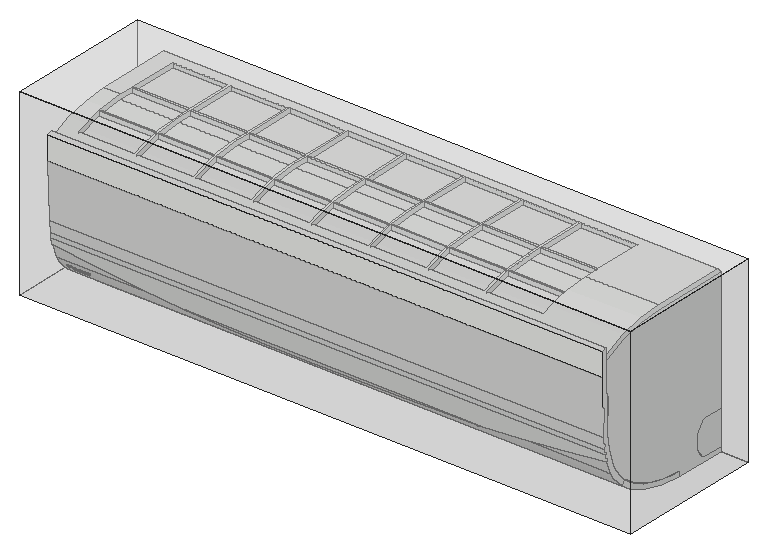
Revit family "outputfile", category 機械設備, Revit 2024
Family settings
  丸型コネクタ寸法 = 半径を使用
  パーツ タイプ = 標準
  OmniClass 番号 = 23.75.10.24.21.27.27
  OmniClass タイトル = Split System Air Conditioning Units
  作業面ベース = いいえ
  常に垂直 = はい
  ロード時にボイドで切り取り = いいえ
  注釈の向きを維持 = いいえ
  共有 = いいえ
  部屋計算ポイント = いいえ
Parameters (values of type "CTKM50RVMA")
  Description = ""
  書き出し IFC クラス(タイプ) = "IfcUnitaryEquipmentType"
  定義済み IFC タイプ(タイプ) = "AIRCONDITIONINGUNIT"
  Cost = 0
  Type Comments = ""
  Keynote = ""
  Type Image = (empty or 0)
  Assembly Code = ""
  w_wall hole = if(Width = 770.0 mm, 48.0 mm, 60.0 mm)  # 60.0 mm
  製造元 = "Daikin"
  モデル = "CTKM50RVMA"
  switch_frequency = yes
  r_Liquid Pipe Size = Liquid Pipe Size / 2  # 3.2 mm
  r_Gas Pipe Size = Gas Pipe Size / 2  # 6.35 mm
  r_Drain Pipe Size = Drain Pipe Size / 2  # 8.0 mm
  lw_powersupply [instance] = if(Width = 770.0 mm, if(or(Rear Right Connection_refrigerant, Bottom Right Connection_refrigerant), 25.0 mm, if(or(Rear Left Connection_refrigerant, Bottom Left Connection_refrigerant), 745.0 mm, 400.0 mm)), if(Width = 990.0 mm, if(or(Rear Right Connection_refrigerant, Bottom Right Connection_refrigerant), 40.0 mm, if(or(Rear Left Connection_refrigerant, Bottom Left Connection_refrigerant), 920.0 mm, 400.0 mm)), if(or(Rear Right Connection_refrigerant, Bottom Right Connection_refrigerant), 40.0 mm, if(or(Rear Left Connection_refrigerant, Bottom Left Connection_refrigerant), 920.0 mm, 400.0 mm))))  # 400.0 mm
  lw_liquidpipe [instance] = if(Width = 770.0 mm, if(or(Rear Right Connection_refrigerant, Bottom Right Connection_refrigerant), 0.0 mm, if(or(Rear Left Connection_refrigerant, Bottom Left Connection_refrigerant), 664.0 mm, 385.0 mm)), if(Width = 990.0 mm, if(or(Rear Right Connection_refrigerant, Bottom Right Connection_refrigerant), 0.0 mm, if(or(Rear Left Connection_refrigerant, Bottom Left Connection_refrigerant), 664.0 mm + (990.0 mm - 770.0 mm), 475.0 mm)), if(or(Rear Right Connection_refrigerant, Bottom Right Connection_refrigerant), 0.0 mm, if(or(Rear Left Connection_refrigerant, Bottom Left Connection_refrigerant), 664.0 mm + (990.0 mm - 770.0 mm), 475.0 mm))))  # 475.0 mm
  lw_gaspipe [instance] = if(Width = 770.0 mm, if(or(Rear Right Connection_refrigerant, Bottom Right Connection_refrigerant), 0.0 mm, if(or(Rear Left Connection_refrigerant, Bottom Left Connection_refrigerant), 675.0 mm, if(Gas Pipe Size = 12.7 mm, 345.0 mm, 335.0 mm))), if(Width = 990.0 mm, if(or(Rear Right Connection_refrigerant, Bottom Right Connection_refrigerant), 10.0 mm, if(or(Rear Left Connection_refrigerant, Bottom Left Connection_refrigerant), 890.0 mm, if(Gas Pipe Size = 15.9 mm, 410.0 mm, 400.0 mm))), if(or(Rear Right Connection_refrigerant, Bottom Right Connection_refrigerant), 10.0 mm, if(or(Rear Left Connection_refrigerant, Bottom Left Connection_refrigerant), 890.0 mm, if(Gas Pipe Size = 15.9 mm, 410.0 mm, 400.0 mm)))))  # 400.0 mm
  lw_drainpipe [instance] = if(Width = 770.0 mm, if(or(Rear Right Connection_refrigerant, Bottom Right Connection_refrigerant), 0.0 mm, if(or(Rear Left Connection_refrigerant, Bottom Left Connection_refrigerant), 770.0 mm - 48.0 mm - 48.0 mm, 440.0 mm)), if(Width = 990.0 mm, if(or(Rear Right Connection_refrigerant, Bottom Right Connection_refrigerant), 0.0 mm, if(or(Rear Left Connection_refrigerant, Bottom Left Connection_refrigerant), 675.0 mm + (990.0 mm - 770.0 mm), 435.0 mm)), if(or(Rear Right Connection_refrigerant, Bottom Right Connection_refrigerant), 0.0 mm, if(or(Rear Left Connection_refrigerant, Bottom Left Connection_refrigerant), 675.0 mm + (990.0 mm - 770.0 mm), 435.0 mm))))  # 435.0 mm
  l_powersupply_length [instance] = if(Width = 770.0 mm, if(Right Connection_refrigerant, 400.0 mm, if(Left Connection_refrigerant, 770.0 mm - 400.0 mm, if(or(Rear Left Connection_refrigerant, Rear Right Connection_refrigerant), 15.0 mm, 50.0 mm))), if(Width = 990.0 mm, if(Right Connection_refrigerant, 400.0 mm, if(Left Connection_refrigerant, 990.0 mm - 400.0 mm, if(or(Rear Left Connection_refrigerant, Rear Right Connection_refrigerant), 15.0 mm, 50.0 mm))), if(Right Connection_refrigerant, 400.0 mm, if(Left Connection_refrigerant, 990.0 mm - 400.0 mm, if(or(Rear Left Connection_refrigerant, Rear Right Connection_refrigerant), 15.0 mm, 50.0 mm)))))  # 400.0 mm
  l_liquidpipe_length [instance] = if(Width = 770.0 mm, if(Right Connection_refrigerant, 433.0 mm, if(Left Connection_refrigerant, 337.0 mm, if(or(Rear Left Connection_refrigerant, Rear Right Connection_refrigerant), 30.0 mm, 40.0 mm))), if(Width = 990.0 mm, if(Right Connection_refrigerant, 535.0 mm, if(Left Connection_refrigerant, 455.0 mm, if(or(Rear Left Connection_refrigerant, Rear Right Connection_refrigerant), 30.0 mm, 40.0 mm))), if(Right Connection_refrigerant, 535.0 mm, if(Left Connection_refrigerant, 455.0 mm, if(or(Rear Left Connection_refrigerant, Rear Right Connection_refrigerant), 30.0 mm, 40.0 mm)))))  # 535.0 mm
  l_gaspipe_length [instance] = if(Width = 770.0 mm, if(Right Connection_refrigerant, if(Gas Pipe Size = 12.7 mm, 393.0 mm, 383.0 mm), if(Left Connection_refrigerant, if(Gas Pipe Size = 12.7 mm, 770.0 mm - 393.0 mm, 770.0 mm - 383.0 mm), if(or(Rear Left Connection_refrigerant, Rear Right Connection_refrigerant), 40.0 mm, 50.0 mm))), if(Width = 990.0 mm, if(Right Connection_refrigerant, if(Gas Pipe Size = 15.9 mm, 470.0 mm, 460.0 mm), if(Left Connection_refrigerant, if(Gas Pipe Size = 15.9 mm, 990.0 mm - 470.0 mm, 990.0 mm - 460.0 mm), if(or(Rear Left Connection_refrigerant, Rear Right Connection_refrigerant), 40.0 mm, 50.0 mm))), if(Right Connection_refrigerant, if(Gas Pipe Size = 15.9 mm, 470.0 mm, 460.0 mm), if(Left Connection_refrigerant, if(Gas Pipe Size = 15.9 mm, 990.0 mm - 470.0 mm, 990.0 mm - 460.0 mm), if(or(Rear Left Connection_refrigerant, Rear Right Connection_refrigerant), 40.0 mm, 50.0 mm)))))  # 460.0 mm
  l_drainpipe_length [instance] = if(Width = 770.0 mm, if(Right Connection_refrigerant, 488.0 mm, if(Left Connection_refrigerant, 282.0 mm, if(or(Rear Left Connection_refrigerant, Rear Right Connection_refrigerant), 15.0 mm, 20.0 mm))), if(Width = 990.0 mm, if(Right Connection_refrigerant, 495.0 mm, if(Left Connection_refrigerant, 495.0 mm, if(or(Rear Left Connection_refrigerant, Rear Right Connection_refrigerant), 15.0 mm, 20.0 mm))), if(Right Connection_refrigerant, 495.0 mm, if(Left Connection_refrigerant, 495.0 mm, if(or(Rear Left Connection_refrigerant, Rear Right Connection_refrigerant), 15.0 mm, 20.0 mm)))))  # 495.0 mm
  h*** = 0.0 mm  # constant formula
  connector_voltage = Voltage_50Hz  # 230 V
  connector_powerinput = [Power Input (Cooling)]  # 0.000 kW
  connector_phase = Phase_50Hz  # 1
  angle_vertical [instance] = if(or(Bottom Left Connection_refrigerant, Bottom Right Connection_refrigerant), 0.00°, 90.00°)  # 90.00°
  angle_horizontal [instance] = if(Right Connection_refrigerant, 90.00°, if(Left Connection_refrigerant, -90.00°, if(or(Rear Left Connection_refrigerant, Rear Right Connection_refrigerant), 180.00°, 0.00°)))  # 90.00°
  Width = 990.0 mm
  Voltage_comment_50Hz = "220 - 240"
  Voltage_50Hz = 230 V
  Version = "ver.1.0"
  Unit Type = "Wall Mounted"
  Unit Mass Weight = 13.00 kg
  Unit Designation [instance] = ""
  Uniclass2015Version = "Products v1.30"
  Uniclass2015Title = "Split coil room air conditioning units"
  Uniclass2015Code = "Pr_70_65_03_86"
  URL = ""
  Total Cooling Capacity [instance] = 0.000 kW
  Sound Pressure Level_M speed (dBA) = 40
  Sound Pressure Level_L speed (dBA) = 35
  Sound Pressure Level_H speed (dBA) = 45
  Sound Power Level_H speed (dB) = 0
  Series = "Multi Split_Fan Coil Unit"
  Sensible Cooling Capacity [instance] = 0.000 kW
  Refrigerant Type = "R32"
  Power Input (Cooling) = 0.000 kW
  Phase_50Hz = 1
  Option Accessory 3 [instance] = ""
  Option Accessory 2 [instance] = ""
  Option Accessory 1 [instance] = ""
  Nominal Cooling Capacity = 5.000 kW
  Minimum Circuit Amps_50Hz = 0.0 A
  Minimum Airflow = 702.00 m³/h
  Median Airflow = 852.00 m³/h
  Maximum Fuse Amps_50Hz = 0.0 A
  Maximum Airflow = 1010.00 m³/h
  Material_Casing = DAIKIN_White_Casing_indoorunit
  Load Classification = HVAC
  Liquid Pipe Size = 6.4 mm
  Link_Nested Family [instance] = ""
  IfcVersion = ""
  IfcExportType = "AIRCONDITIONINGUNIT"
  IfcExportAs = "IfcUnitaryEquipmentType"
  Height = 295.0 mm
  Heat Exchanger Type = "Cross Fin Coil"
  Gas Pipe Size = 12.7 mm
  Frequency_50Hz = 50 Hz
  Fan Type = "Cross Flow Fan"
  Fan Drive = "Direct Drive"
  FCU Tag No. [instance] = ""
  Drain Pipe Size = 16.0 mm
  Design Supply Airflow [instance] = 0.00 m³/h
  Depth = 263.0 mm
  既定の高さ = 0.0 mm
  Cooling Entering Wet Bulb Temperature [instance] = 0.00 °C
  Cooling Entering Dry Bulb Temperature [instance] = 0.00 °C
  Cooling Ambient Wet Bulb Temperature [instance] = 0.00 °C
  Cooling Ambient Dry Bulb Temperature [instance] = 0.00 °C
  Clearance visibility [instance] = yes
  Clearance Top = 30.0 mm
  Clearance Right = 50.0 mm
  Clearance Rear = 0.0 mm
  Clearance Left = 50.0 mm
  Clearance Front = 0.0 mm
  Clearance Bottom = 0.0 mm
  Bottom Right Connection_refrigerant [instance] = no
  Bottom Left Connection_refrigerant [instance] = no
  Rear Right Connection_refrigerant [instance] = no
  Rear Left Connection_refrigerant [instance] = no
  Right Connection_refrigerant [instance] = yes
  Left Connection_refrigerant [instance] = no
Reference planes
  plane 1 "Back": y = 0
  plane 2: z = 0
  plane 3 "Center (Left/Right)": x = 0
  plane 4 "Center (Front/Back)": y = -131.5
  plane 5 "Front": y = -263
  plane 6 "Left": x = -495
  plane 7 "Right": x = 495
  plane 8 "Top": z = 0
  plane 9 "Bottom": z = -295
  plane 10: x = -545
  plane 11: x = 545
  plane 12: y = 0
  plane 13: y = -263
  plane 14: z = 30
  plane 15: z = -295
  plane 16 "lw_Piping and Wiring intake": x = 435
  plane 17 "lw_gaspipe": x = 35
  plane 18 "lw_liquidpipe": x = -40
  plane 19 "lw_drainpipe": x = 0
  plane 20 "lh_drainpipe": z = -275
  plane 21 "lh_liquidpipe": z = -255
  plane 22 "lh_gaspipe": z = -245
  plane 23 "ld_drainpipe": y = -15
  plane 24 "ld_liquidpipe": y = -30
  plane 25 "ld_gaspipe": y = -40
  plane 26 "lw_powersupply": x = 95
Dimensions and locks
  equal spacing: plane 6 "Left", plane 3 "Center (Left/Right)", plane 7 "Right"
  "Width": plane 6 "Left" to plane 7 "Right"
  equal spacing: plane 5 "Front", plane 4 "Center (Front/Back)", plane 1 "Back"
  "Depth": plane 5 "Front" to plane 1 "Back"
  "Height": plane 8 "Top" to plane 9 "Bottom"
  "Clearance Rear": plane 12 to plane 1 "Back"
  "Clearance Front": plane 13 to plane 5 "Front"
  "Clearance Top": plane 14 to plane 8 "Top"
  "Clearance Bottom": plane 9 "Bottom" to plane 15
  "w_wall hole": plane 16 "lw_Piping and Wiring intake" to plane 7 "Right"
  "lw_gaspipe": plane 17 "lw_gaspipe" to plane 16 "lw_Piping and Wiring intake"
  "lw_liquidpipe": plane 18 "lw_liquidpipe" to plane 16 "lw_Piping and Wiring intake"
  "lw_drainpipe": plane 19 "lw_drainpipe" to plane 16 "lw_Piping and Wiring intake"
  locked: plane 20 "lh_drainpipe" to plane 9 "Bottom" at 20
  locked: plane 21 "lh_liquidpipe" to plane 9 "Bottom" at 40
  locked: plane 22 "lh_gaspipe" to plane 9 "Bottom" at 50
  locked: plane 23 "ld_drainpipe" to plane 1 "Back" at 15
  locked: plane 1 "Back" to plane 24 "ld_liquidpipe" at 30
  locked: plane 1 "Back" to plane 25 "ld_gaspipe" at 40
  "lw_powersupply": plane 26 "lw_powersupply" to plane 7 "Right"
  "Clearance Right": plane 7 "Right" to plane 11
  "Clearance Left": plane 10 to plane 6 "Left"
  aligned and locked: level to plane 2
  aligned and locked: plane 12 to nested 1
  aligned and locked: nested 1 to plane 13
  aligned and locked: plane 10 to nested 1
  aligned and locked: plane 11 to nested 1
  aligned and locked: plane 15 to nested 1
  aligned and locked: plane 14 to nested 1
  aligned and locked: plane 17 "lw_gaspipe" to nested 2
  aligned and locked: nested 2 to plane 25 "ld_gaspipe"
  aligned and locked: plane 18 "lw_liquidpipe" to nested 3
  aligned and locked: nested 3 to plane 24 "ld_liquidpipe"
  aligned and locked: plane 19 "lw_drainpipe" to nested 4
  aligned and locked: nested 4 to plane 23 "ld_drainpipe"
  aligned and locked: nested 5 to plane 23 "ld_drainpipe"
  aligned and locked: plane 26 "lw_powersupply" to nested 5
  aligned and locked: level to plane 8 "Top"
  aligned and locked: plane 3 "Center (Left/Right)" to nested 6
  aligned and locked: plane 1 "Back" to nested 6
  aligned and locked: plane 8 "Top" to nested 6
Nested families
  nested 1: "daikin_clearancespace" at (0, -131.5, -132.381), show <- "Clearance visibility", visible <- "Clearance visibility", Link_Nested Family <- "Link_Nested Family", type "daikin_clearancespace"
    with width 1090.0 mm, show yes, height 325.0 mm, depth 263.0 mm, Link_Nested Family ""
  nested 2: "daikin_connector_rotate3" at (35, -40, -245), angle_vertical <- "angle_vertical", angle_horizontal <- "angle_horizontal", length <- "l_gaspipe_length", radius <- "r_Gas Pipe Size", type "daikin_connector_rotate3"
    with show no, radius 6.35 mm, length 460.0 mm, angle_vertical 90.00°, angle_horizontal 90.00°
  nested 3: "daikin_connector_rotate3" at (-40, -30, -255), angle_vertical <- "angle_vertical", angle_horizontal <- "angle_horizontal", radius <- "r_Liquid Pipe Size", length <- "l_liquidpipe_length", type "daikin_connector_rotate3"
    with show no, radius 3.2 mm, length 535.0 mm, angle_vertical 90.00°, angle_horizontal 90.00°
  nested 4: "daikin_connector_rotate3" at (0, -15, -275), angle_vertical <- "angle_vertical", angle_horizontal <- "angle_horizontal", length <- "l_drainpipe_length", radius <- "r_Drain Pipe Size", type "daikin_connector_rotate3"
    with show no, radius 8.0 mm, length 495.0 mm, angle_vertical 90.00°, angle_horizontal 90.00°
  nested 5: "daikin_connector_rotate3" at (95, -15, -245), angle_vertical <- "angle_vertical", angle_horizontal <- "angle_horizontal", length <- "l_powersupply_length", type "daikin_connector_rotate3"
    with show no, radius 10.0 mm, length 400.0 mm, angle_vertical 90.00°, angle_horizontal 90.00°
  nested 6: "DAIKIN_indoorunit_CTKM-RVMA" at (-31, 0, 0), type "CTKM-RVMA"
    with switch_unit1_50-71 yes, switch_unit1_20-46 no, Width 990.0 mm, WALL HOLE-R 60.0 mm, WALL HOLE Size 80.0 mm, Height 295.0 mm
Connectors
  piping at (495, -40, -245), diameter 12.7, driven by "r_Gas Pipe Size"
    settings: on nested 2, index 1, connector inside diameter 609.6 mm, connector length 0.0 mm, flow factor 0, pipe flow 0.00 m³/h, pressure drop 0.0 Pa, fitting loss kfactor 0, connector angle 0.00°, fixture units 0, engagement length 0.0 mm, angle of deflection 0.00°, flow configuration 1, flow direction 2, fitting loss method 0, system type 29, joint type 0, gender type 0, connector reference index -1, connector utility 0, adjustable connector no, is connector primary yes, connector description "Refrigerant Gas Piping"
  piping at (495, -30, -255), diameter 6.4, driven by "r_Liquid Pipe Size"
    settings: on nested 3, index 2, connector inside diameter 609.6 mm, connector length 0.0 mm, flow factor 0, pipe flow 0.00 m³/h, pressure drop 0.0 Pa, fitting loss kfactor 0, connector angle 0.00°, fixture units 0, engagement length 0.0 mm, angle of deflection 0.00°, flow configuration 1, flow direction 1, fitting loss method 0, system type 29, joint type 0, gender type 0, connector reference index -1, connector utility 0, adjustable connector no, is connector primary no, connector description "Refrigerant Liquid Piping"
  piping at (495, -15, -275), diameter 16, driven by "r_Drain Pipe Size"
    settings: on nested 4, index 3, connector inside diameter 609.6 mm, connector length 0.0 mm, flow factor 0, pipe flow 0.00 m³/h, pressure drop 0.0 Pa, fitting loss kfactor 0, connector angle 0.00°, fixture units 0, engagement length 0.0 mm, angle of deflection 0.00°, flow configuration 1, flow direction 2, fitting loss method 4, system type 16, joint type 0, gender type 0, connector reference index -1, connector utility 0, adjustable connector no, is connector primary no, connector description "Condensate Drain Piping"
  electrical at (495, -15, -245), driven by "Load Classification", driven by "connector_phase", driven by "connector_powerinput", driven by "connector_voltage"
    settings: on nested 5, index 4, voltage 230 V, apparent load 0 VA, apparent load phase1 0 VA, apparent load phase2 0 VA, apparent load phase3 0 VA, power factor 1, load classification "HVAC", number of poles 1, system type 30, power factor state 1, is connector primary yes, connector utility no, sub classification motor no, connector description "Power Supply"
Definition of nested family "daikin_clearancespace"
  Parameters (values of type "daikin_clearancespace")
    Description = "daikin_clearancespace"
    width [instance] = 1823.963 mm
    show [instance] = yes
    material = none
    height [instance] = 1359.762 mm
    depth [instance] = 880.0 mm
    Default Elevation = 0.0 mm
    Link_Nested Family [instance] = ""
  Reference planes
    plane 1 "Center (Front/Back)": y = 0
    plane 2 "Center (Elevation)": z = -0.119
    plane 3 "Center (Left/Right)": x = 0
    plane 4: y = 440
    plane 5: y = -440
    plane 6 "Right": x = 911.982
    plane 7 "Left": x = -911.982
    plane 8 "Top": z = 679.762
    plane 9 "Bottom": z = -680
  Forms (mm)
    Extrusion 1, solid, material <- "material", visible <- "show"
      sketch origin (0, 0, 0) x (1, 0, 0) y (0, 1, 0)
        loop
          line (-911.982, 440) -> (-911.982, -440) -> (911.982, -440) -> (911.982, 440) -> (-911.982, 440)
      from -680 to 679.762
  Lines and regions (mm)
    symbolic lines, visible <- "show"
      curve 1: line (911.982, 440, 0) -> (-911.982, 440, 0)
      curve 2: line (-911.982, 440, 0) -> (-911.982, -440, 0)
      curve 3: line (-911.982, -440, 0) -> (911.982, -440, 0)
      curve 4: line (911.982, -440, 0) -> (911.982, 440, 0)
      curve 5: line (911.982, 0, 679.762) -> (-911.982, 0, 679.762)
      curve 6: line (911.982, 0, -680) -> (911.982, 0, 679.762)
      curve 7: line (-911.982, 0, -680) -> (911.982, 0, -680)
      curve 8: line (-911.982, 0, 679.762) -> (-911.982, 0, -680)
      curve 9: line (0, 440, 679.762) -> (0, -440, 679.762)
      curve 10: line (0, -440, 679.762) -> (0, -440, -680)
      curve 11: line (0, 440, -680) -> (0, 440, 679.762)
      curve 12: line (0, -440, -680) -> (0, 440, -680)
  Dimensions and locks
    "width": plane 7 "Left" to plane 6 "Right"
    "depth": plane 4 to plane 5
    "height": plane 8 "Top" to plane 9 "Bottom"
    equal spacing: plane 7 "Left", plane 3 "Center (Left/Right)", plane 6 "Right"
    equal spacing: plane 4, plane 1 "Center (Front/Back)", plane 5
    equal spacing: plane 8 "Top", plane 2 "Center (Elevation)", plane 9 "Bottom"
    aligned and locked: level to plane 2 "Center (Elevation)"
    aligned and locked: Extrusion 1 sketch curve to plane 4
    aligned and locked: plane 7 "Left" to Extrusion 1 sketch curve
    aligned and locked: Extrusion 1 sketch curve to plane 5
    aligned and locked: Extrusion 1 sketch curve to plane 6 "Right"
    aligned and locked: plane 8 "Top" to Extrusion 1
    aligned and locked: curve 1 to Extrusion 1
    aligned and locked: curve 2 to Extrusion 1
    aligned and locked: curve 3 to Extrusion 1
    aligned and locked: curve 4 to Extrusion 1
    aligned and locked: curve 5 to Extrusion 1
    aligned and locked: curve 6 to Extrusion 1
    aligned and locked: curve 7 to Extrusion 1
    aligned and locked: curve 8 to Extrusion 1
    aligned and locked: curve 9 to Extrusion 1
    aligned and locked: curve 10 to Extrusion 1
    aligned and locked: curve 11 to Extrusion 1
    aligned and locked: curve 12 to Extrusion 1
    aligned and locked: Extrusion 1 to plane 9 "Bottom"
Definition of nested family "DAIKIN_indoorunit_CTKM-RVMA"
  Parameters (values of type "FTKM-QVMA")
    switch_unit1_50-71 = Width = 990.0 mm  # no
    switch_unit1_20-46 = Width = 770.0 mm  # yes
    Width = 770.0 mm
    WALL HOLE-R = if(Width = 770.0 mm, 48.0 mm, 60.0 mm)  # 48.0 mm
    WALL HOLE Size = if(Width = 770.0 mm, 65.0 mm, 80.0 mm)  # 65.0 mm
    Material_Casing = none
    Height = if(Width = 770.0 mm, 285.0 mm, 295.0 mm)  # 285.0 mm
    Default Elevation = 0.0 mm
  Reference planes
    plane 1 "Center (Front/Back)": y = 0
    plane 2 "reference_level": z = 0
    plane 3 "Center (Left/Right)": x = 31
    plane 4: x = -354
    plane 5: x = 416
    plane 6: z = -285
  Forms (mm)
    Extrusion 1, solid, material <- "Material_Casing", visible <- "switch_unit1_20-46"
      sketch origin (29, 0, 0) x (0, 1, 0) y (0, 0, 1)
        loop
          line (-5, 0) -> (-98, 0)
          arc (-98, 0) -> (-157.611, -7.211) -> (-213.783, -28.427) r 250
          arc (-213.783, -28.427) -> (-213.842, -32.972) -> (-213.892, -37.516) r 2191
          arc (-213.892, -37.516) -> (-157.832, -15.495) -> (-98.07, -8) r 242
          line (-98.07, -8) -> (0, -8) -> (-5, 0)
      from -383 to 387
    Extrusion 2, solid, material <- "Material_Casing", visible <- "switch_unit1_20-46"
      sketch origin (416, 1296.25, 1200) x (0, 1, 0) y (0, 0, 1)
        loop
          line (-1472.998, -1446.91) -> (-1476.998, -1453.839)
          arc (-1476.998, -1453.839) -> (-1437.481, -1472.422) -> (-1395.25, -1483.538) r 240
          line (-1395.25, -1483.538) -> (-1395.25, -1475.422)
          arc (-1395.25, -1475.422) -> (-1435.407, -1464.663) -> (-1472.998, -1446.91) r 232
      from 0 to -47.5
    Extrusion 3, solid, material <- "Material_Casing", visible <- "switch_unit1_20-46"
      sketch origin (29, 0, 0) x (0, 1, 0) y (0, 0, 1)
        loop
          arc (-223, -60.455) -> (-222.414, -110.646) -> (-220.656, -160.81) r 2149.92
          arc (-220.656, -160.81) -> (-219.65, -174.299) -> (-217.853, -187.706) r 229.911
          arc (-217.853, -187.706) -> (-205.371, -223.594) -> (-181.517, -253.17) r 111
          line (-181.517, -253.17) -> (-177.429, -246.093)
          arc (-177.429, -246.093) -> (-198.77, -218.989) -> (-209.965, -186.36) r 103
          arc (-209.965, -186.36) -> (-211.681, -173.586) -> (-212.651, -160.735) r 221.844
          arc (-212.651, -160.735) -> (-214.739, -93.233) -> (-214.74, -25.699) r 2186.828
          arc (-214.74, -25.699) -> (-214.671, -21.467) -> (-214.594, -17.235) r 2192
          line (-214.594, -17.235) -> (-223, -19.961) -> (-223, -60.455)
      from -383 to 387
    Extrusion 4, solid, material <- "Material_Casing", visible <- "switch_unit1_20-46"
      sketch origin (29, 0, 0) x (0, 1, 0) y (0, 0, 1)
        loop
          line (-181.517, -253.17) -> (-179.597, -249.846)
          arc (-179.597, -249.846) -> (-202.009, -221.399) -> (-213.189, -186.952) r 103
          line (-213.189, -186.952) -> (-217.853, -187.706)
          arc (-217.853, -187.706) -> (-217.533, -189.556) -> (-217.182, -191.4) r 111
          arc (-217.182, -191.4) -> (-213.806, -208.181) -> (-210.362, -224.948) r 4257.809
          arc (-210.362, -224.948) -> (-198.886, -237.857) -> (-186.225, -249.607) r 180
          line (-186.225, -249.607) -> (-181.517, -253.17)
      from -383 to 387
    Extrusion 5, solid, material <- "Material_Casing", visible <- "switch_unit1_20-46"
      sketch origin (29, 0, -20) x (0, 1, 0) y (0, 0, 1)
        loop
          line (0, -265) -> (0, 12) -> (-98.07, 12)
          arc (-98.07, 12) -> (-157.832, 4.505) -> (-213.892, -17.516) r 242
          arc (-213.892, -17.516) -> (-213.638, -79.114) -> (-211.653, -140.681) r 2191
          arc (-211.653, -140.681) -> (-210.685, -153.501) -> (-208.973, -166.243) r 221
          arc (-208.973, -166.243) -> (-197.471, -199.282) -> (-175.482, -226.491) r 102
          arc (-175.482, -226.491) -> (-138.004, -244.019) -> (-98, -254.579) r 231
          line (-98, -254.579) -> (-98, -265) -> (0, -265)
      from -383 to 387
    Extrusion 6, solid, material <- "Material_Casing", visible <- "switch_unit1_20-46"
      sketch origin (-354, 1296.25, 1200) x (0, 1, 0) y (0, 0, 1)
        loop
          line (-1472.998, -1446.91) -> (-1476.998, -1453.839)
          arc (-1476.998, -1453.839) -> (-1437.481, -1472.422) -> (-1395.25, -1483.538) r 240
          line (-1395.25, -1483.538) -> (-1395.25, -1475.422)
          arc (-1395.25, -1475.422) -> (-1435.407, -1464.663) -> (-1472.998, -1446.91) r 232
      from 47 to 0
    Extrusion 7, solid, material <- "Material_Casing", visible <- "switch_unit1_20-46"
      sketch origin (416, 1296.25, 1200) x (0, 1, 0) y (0, 0, 1)
        loop
          line (-1472.998, -1446.91) -> (-1476.998, -1453.839)
          arc (-1476.998, -1453.839) -> (-1443.437, -1470.168) -> (-1407.75, -1481.097) r 240
          line (-1407.75, -1481.097) -> (-1407.75, -1472.894)
          arc (-1407.75, -1472.894) -> (-1441.363, -1462.385) -> (-1472.998, -1446.91) r 232
      from -116.993 to -48.493
    Extrusion 8, solid, material <- "Material_Casing", visible <- "switch_unit1_20-46"
      sketch origin (416, 1296.25, 1200) x (0, 1, 0) y (0, 0, 1)
        loop
          line (-1472.998, -1446.91) -> (-1476.998, -1453.839)
          arc (-1476.998, -1453.839) -> (-1443.437, -1470.168) -> (-1407.75, -1481.097) r 240
          line (-1407.75, -1481.097) -> (-1407.75, -1472.894)
          arc (-1407.75, -1472.894) -> (-1441.363, -1462.385) -> (-1472.998, -1446.91) r 232
      from -717 to -121.993
    Extrusion 9, void
      sketch origin (31, 0, -235) x (1, 0, 0) y (0, 1, 0)
        loop
          line (-252.674, -22.316) -> (-354.941, -22.316) -> (-354.941, -91.341) -> (-252.674, -91.341) -> (-252.674, -22.316)
        loop
          line (-249.341, -91.341) -> (-151.574, -91.341) -> (-151.574, -22.316) -> (-249.341, -22.316) -> (-249.341, -91.341)
        loop
          line (58.309, -22.316) -> (-148.309, -22.316) -> (-148.309, -91.341) -> (58.309, -91.341) -> (58.309, -22.316)
        loop
          line (61.689, -22.316) -> (61.689, -91.341) -> (159.457, -91.341) -> (159.457, -22.316) -> (61.689, -22.316)
        loop
          line (162.789, -22.316) -> (162.789, -91.341) -> (265.057, -91.341) -> (265.057, -22.316) -> (162.789, -22.316)
        loop
          line (-354.941, -94.659) -> (-354.941, -165.259) -> (-252.674, -165.259) -> (-252.674, -94.659) -> (-354.941, -94.659)
        loop
          line (-249.341, -94.659) -> (-249.341, -165.259) -> (-151.574, -165.259) -> (-151.574, -94.659) -> (-249.341, -94.659)
        loop
          line (-148.309, -94.659) -> (-148.309, -165.259) -> (58.309, -165.259) -> (58.309, -94.659) -> (-148.309, -94.659)
        loop
          line (61.689, -94.659) -> (61.689, -165.259) -> (159.457, -165.259) -> (159.457, -94.659) -> (61.689, -94.659)
        loop
          line (162.789, -94.659) -> (162.789, -165.259) -> (265.057, -165.259) -> (265.057, -94.659) -> (162.789, -94.659)
        loop
          line (-354.941, -167.382) -> (-354.941, -192.681) -> (-252.674, -192.681) -> (-252.674, -167.382) -> (-354.941, -167.382)
        loop
          line (-249.341, -167.382) -> (-249.341, -192.681) -> (-151.574, -192.681) -> (-151.574, -167.382) -> (-249.341, -167.382)
        loop
          line (-148.309, -167.382) -> (-148.309, -192.681) -> (58.309, -192.681) -> (58.309, -167.382) -> (-148.309, -167.382)
        loop
          line (159.457, -167.382) -> (61.689, -167.382) -> (61.689, -192.681) -> (159.457, -192.681) -> (159.457, -167.382)
        loop
          line (265.057, -167.382) -> (162.789, -167.382) -> (162.789, -192.681) -> (265.057, -192.681) -> (265.057, -167.382)
      from 201.638 to 250
    Extrusion 10, void
      sketch origin (31, 0, 0) x (1, 0, 0) y (0, 0, 1)
        loop
          arc (597, -174.907) -> (0.056, -245.263) -> (-597, -175.856) r 2585.042
          line (-597, -175.856) -> (-597, -352.872) -> (597, -352.872) -> (597, -174.907)
      from 173 to 315.3
    Extrusion 11, solid, material <- "Material_Casing"
      sketch origin (31, 0, 0) x (1, 0, 0) y (0, 0, 1)
        loop
          circle (337, -240.5) r 32.5
        loop
          circle (-337, -240.5) r 32.5
      from 0 to 5
    Extrusion 12, solid, material <- "Material_Casing", visible <- "switch_unit1_20-46"
      sketch origin (416, 1296.25, 1200) x (0, -1, 0) y (0, 0, 1)
        loop
          line (1326.25, -1417) -> (1296.25, -1417) -> (1296.25, -1477) -> (1326.25, -1477)
          arc (1326.25, -1477) -> (1340.393, -1471.142) -> (1346.25, -1457) r 20
          line (1346.25, -1457) -> (1346.25, -1437)
          arc (1346.25, -1437) -> (1340.393, -1422.858) -> (1326.25, -1417) r 20
      from 0 to 5
    Extrusion 13, solid, material <- "Material_Casing", visible <- "switch_unit1_20-46"
      sketch origin (-354, 1296.25, 1200) x (0, 1, 0) y (0, 0, 1)
        loop
          line (-1296.25, -1417) -> (-1326.25, -1417)
          arc (-1326.25, -1417) -> (-1340.393, -1422.858) -> (-1346.25, -1437) r 20
          line (-1346.25, -1437) -> (-1346.25, -1457)
          arc (-1346.25, -1457) -> (-1340.393, -1471.142) -> (-1326.25, -1477) r 20
          line (-1326.25, -1477) -> (-1296.25, -1477) -> (-1296.25, -1417)
      from 0 to 5
    Extrusion 14, solid, material <- "Material_Casing", visible <- "switch_unit1_20-46"
      sketch origin (31, 0, -285) x (-1, 0, 0) y (0, -1, 0)
        loop
          line (-314, 0) -> (-314, 30)
          arc (-314, 30) -> (-319.858, 44.142) -> (-334, 50) r 20
          line (-334, 50) -> (-354, 50)
          arc (-354, 50) -> (-368.142, 44.142) -> (-374, 30) r 20
          line (-374, 30) -> (-374, 0) -> (-314, 0)
        loop
          line (374, 0) -> (374, 30)
          arc (374, 30) -> (368.142, 44.142) -> (354, 50) r 20
          line (354, 50) -> (334, 50)
          arc (334, 50) -> (319.858, 44.142) -> (314, 30) r 20
          line (314, 30) -> (314, 0) -> (374, 0)
      from 0 to 5
    Extrusion 15, solid, material <- "Material_Casing", visible <- "switch_unit1_50-71"
      sketch origin (31, 0, 0) x (0, 1, 0) y (0, 0, 1)
        loop
          line (-5, 0) -> (-138, 0)
          arc (-138, 0) -> (-197.611, -7.211) -> (-253.783, -28.427) r 250
          arc (-253.783, -28.427) -> (-253.838, -32.687) -> (-253.886, -36.946) r 2191
          arc (-253.886, -36.946) -> (-197.73, -15.346) -> (-138.014, -8) r 246.393
          line (-138.014, -8) -> (0, -8) -> (-5, 0)
      from -495 to 495
    Extrusion 16, solid, material <- "Material_Casing", visible <- "switch_unit1_50-71"
      sketch origin (418, 1296.25, 1200) x (0, 1, 0) y (0, 0, 1)
        loop
          arc (-1515.208, -1454.149) -> (-1506.856, -1460.599) -> (-1497.925, -1466.219) r 110
          arc (-1497.925, -1466.219) -> (-1445.718, -1487.493) -> (-1389.844, -1494.995) r 223
          line (-1389.844, -1494.995) -> (-1389.844, -1486.086) -> (-1404.386, -1486.086)
          arc (-1404.386, -1486.086) -> (-1449.542, -1477.46) -> (-1491.818, -1459.402) r 214.289
          arc (-1491.818, -1459.402) -> (-1501.056, -1453.541) -> (-1509.606, -1446.715) r 101
          line (-1509.606, -1446.715) -> (-1515.208, -1454.149)
      from 108 to 57.5
    Extrusion 17, solid, material <- "Material_Casing", visible <- "switch_unit1_50-71"
      sketch origin (31, 0, 0) x (0, 1, 0) y (0, 0, 1)
        loop
          line (-263, -19.962) -> (-263, -61.6)
          arc (-263, -61.6) -> (-262.414, -110.219) -> (-260.656, -158.81) r 2017.341
          arc (-260.656, -158.81) -> (-255.648, -191.935) -> (-244.041, -223.362) r 164.725
          arc (-244.041, -223.362) -> (-233.569, -239.793) -> (-219.717, -253.495) r 87.379
          line (-219.717, -253.495) -> (-214.706, -246.846)
          arc (-214.706, -246.846) -> (-229.564, -230.029) -> (-240.385, -210.371) r 102
          arc (-240.385, -210.371) -> (-249.049, -182.962) -> (-252.848, -154.467) r 165.789
          arc (-252.848, -154.467) -> (-254.771, -90.102) -> (-254.74, -25.708) r 2122.533
          arc (-254.74, -25.708) -> (-254.671, -21.469) -> (-254.594, -17.23) r 2192
          line (-254.594, -17.23) -> (-263, -19.962)
      from -495 to 495
    Extrusion 18, void
      sketch origin (33, 0, 0) x (1, 0, 0) y (0, 1, 0)
        loop
          line (-466.909, -22.316) -> (-466.909, -111.341) -> (-366.303, -111.341) -> (-366.303, -22.316) -> (-466.909, -22.316)
        loop
          line (-362.71, -22.316) -> (-362.71, -111.341) -> (-262.103, -111.341) -> (-262.103, -22.316) -> (-362.71, -22.316)
        loop
          line (-258.51, -22.316) -> (-258.51, -111.341) -> (-157.904, -111.341) -> (-157.904, -22.316) -> (-258.51, -22.316)
        loop
          line (-154.31, -22.316) -> (-154.31, -111.341) -> (-53.704, -111.341) -> (-53.704, -22.316) -> (-154.31, -22.316)
        loop
          line (-50.11, -22.316) -> (-50.11, -111.341) -> (50.496, -111.341) -> (50.496, -22.316) -> (-50.11, -22.316)
        loop
          line (54.089, -22.316) -> (54.089, -111.341) -> (154.696, -111.341) -> (154.696, -22.316) -> (54.089, -22.316)
        loop
          line (158.289, -22.316) -> (158.289, -111.341) -> (258.895, -111.341) -> (258.895, -22.316) -> (158.289, -22.316)
        loop
          line (262.489, -22.316) -> (262.489, -111.341) -> (363.095, -111.341) -> (363.095, -22.316) -> (262.489, -22.316)
        loop
          line (-466.909, -114.459) -> (-466.909, -185.059) -> (-366.303, -185.059) -> (-366.303, -114.459) -> (-466.909, -114.459)
        loop
          line (-362.71, -114.459) -> (-362.71, -185.059) -> (-262.103, -185.059) -> (-262.103, -114.459) -> (-362.71, -114.459)
        loop
          line (-258.51, -114.459) -> (-258.51, -185.059) -> (-157.904, -185.059) -> (-157.904, -114.459) -> (-258.51, -114.459)
        loop
          line (-154.31, -114.459) -> (-154.31, -185.059) -> (-53.704, -185.059) -> (-53.704, -114.459) -> (-154.31, -114.459)
        loop
          line (-50.11, -114.459) -> (-50.11, -185.059) -> (50.496, -185.059) -> (50.496, -114.459) -> (-50.11, -114.459)
        loop
          line (54.089, -114.459) -> (54.089, -185.059) -> (154.696, -185.059) -> (154.696, -114.459) -> (54.089, -114.459)
        loop
          line (158.289, -114.459) -> (158.289, -185.059) -> (258.895, -185.059) -> (258.895, -114.459) -> (158.289, -114.459)
        loop
          line (262.489, -114.459) -> (262.489, -185.059) -> (363.095, -185.059) -> (363.095, -114.459) -> (262.489, -114.459)
        loop
          line (-466.909, -187.382) -> (-466.909, -232.681) -> (-366.303, -232.681) -> (-366.303, -187.382) -> (-466.909, -187.382)
        loop
          line (-362.71, -187.382) -> (-362.71, -232.681) -> (-262.103, -232.681) -> (-262.103, -187.382) -> (-362.71, -187.382)
        loop
          line (-258.51, -187.382) -> (-258.51, -232.681) -> (-157.904, -232.681) -> (-157.904, -187.382) -> (-258.51, -187.382)
        loop
          line (-154.31, -187.382) -> (-154.31, -232.681) -> (-53.704, -232.681) -> (-53.704, -187.382) -> (-154.31, -187.382)
        loop
          line (-50.11, -187.382) -> (-50.11, -232.681) -> (50.496, -232.681) -> (50.496, -187.382) -> (-50.11, -187.382)
        loop
          line (54.089, -187.382) -> (54.089, -232.681) -> (154.696, -232.681) -> (154.696, -187.382) -> (54.089, -187.382)
        loop
          line (158.289, -187.382) -> (158.289, -232.681) -> (258.895, -232.681) -> (258.895, -187.382) -> (158.289, -187.382)
        loop
          line (262.489, -187.382) -> (262.489, -232.681) -> (363.095, -232.681) -> (363.095, -187.382) -> (262.489, -187.382)
      from -40.013 to 47.268
    Extrusion 19, void
      sketch origin (33, 0, 2300) x (1, 0, 0) y (0, 0, 1)
        loop
          line (705, -2672.872) -> (705, -2462.4)
          arc (705, -2462.4) -> (-2.043, -2534.819) -> (-709, -2461.567) r 3467.757
          line (-709, -2461.567) -> (-709, -2672.872) -> (705, -2672.872)
      from 173 to 315.3
    Extrusion 20, solid, material <- "Material_Casing", visible <- "switch_unit1_50-71"
      sketch origin (-356, 1296.25, 1200) x (0, 1, 0) y (0, 0, -1)
        loop
          line (-1515.208, 1454.149) -> (-1509.606, 1446.715)
          arc (-1509.606, 1446.715) -> (-1501.056, 1453.541) -> (-1491.818, 1459.402) r 101
          arc (-1491.818, 1459.402) -> (-1449.542, 1477.46) -> (-1404.386, 1486.086) r 214.289
          line (-1404.386, 1486.086) -> (-1389.844, 1486.086) -> (-1389.844, 1494.995)
          arc (-1389.844, 1494.995) -> (-1445.718, 1487.493) -> (-1497.925, 1466.219) r 223
          arc (-1497.925, 1466.219) -> (-1506.856, 1460.599) -> (-1515.208, 1454.149) r 110
      from 108 to 61
    Extrusion 21, solid, material <- "Material_Casing", visible <- "switch_unit1_50-71"
      sketch origin (418, 1296.25, 1200) x (0, 1, 0) y (0, 0, 1)
        loop
          arc (-1515.208, -1454.149) -> (-1506.856, -1460.599) -> (-1497.925, -1466.219) r 110
          arc (-1497.925, -1466.219) -> (-1463.185, -1482.066) -> (-1426.25, -1491.755) r 223
          line (-1426.25, -1491.755) -> (-1426.25, -1483.166)
          arc (-1426.25, -1483.166) -> (-1460.008, -1473.969) -> (-1491.818, -1459.402) r 214.289
          arc (-1491.818, -1459.402) -> (-1501.056, -1453.541) -> (-1509.606, -1446.715) r 101
          line (-1509.606, -1446.715) -> (-1515.208, -1454.149)
      from 56.5 to -36.993
    Extrusion 22, solid, material <- "Material_Casing", visible <- "switch_unit1_50-71"
      sketch origin (418, 1296.25, 1200) x (0, 1, 0) y (0, 0, 1)
        loop
          arc (-1426.25, -1483.166) -> (-1443.442, -1479.224) -> (-1460.25, -1473.881) r 214.289
          line (-1460.25, -1473.881) -> (-1460.25, -1483.089)
          arc (-1460.25, -1483.089) -> (-1443.421, -1488.091) -> (-1426.25, -1491.755) r 223
          line (-1426.25, -1491.755) -> (-1426.25, -1483.166)
      from -43.493 to -828.893
    Extrusion 23, solid, material <- "Material_Casing", visible <- "switch_unit1_50-71"
      sketch origin (418, 1296.25, 1200) x (0, 1, 0) y (0, 0, 1)
        loop
          arc (-1515.208, -1454.149) -> (-1506.856, -1460.599) -> (-1497.925, -1466.219) r 110
          arc (-1497.925, -1466.219) -> (-1479.479, -1475.527) -> (-1460.25, -1483.089) r 223
          line (-1460.25, -1483.089) -> (-1460.25, -1473.881)
          arc (-1460.25, -1473.881) -> (-1476.328, -1467.282) -> (-1491.818, -1459.402) r 214.289
          arc (-1491.818, -1459.402) -> (-1501.056, -1453.541) -> (-1509.606, -1446.715) r 101
          line (-1509.606, -1446.715) -> (-1515.208, -1454.149)
      from -43.493 to -828.893
    Extrusion 24, solid, material <- "Material_Casing", visible <- "switch_unit1_50-71"
      sketch origin (31, 0, 0) x (0, 1, 0) y (0, 0, 1)
        loop
          arc (-217.78, -250.924) -> (-234.088, -233.307) -> (-245.826, -212.366) r 102
          arc (-245.826, -212.366) -> (-251.608, -196.062) -> (-255.659, -179.245) r 165.789
          line (-255.659, -179.245) -> (-258.299, -179.737)
          arc (-258.299, -179.737) -> (-257.524, -183.799) -> (-256.646, -187.84) r 164.725
          arc (-256.646, -187.84) -> (-252.868, -206.25) -> (-249.973, -224.82) r 393.089
          arc (-249.973, -224.82) -> (-239.237, -236.969) -> (-227.451, -248.102) r 180
          arc (-227.451, -248.102) -> (-223.723, -250.998) -> (-219.717, -253.495) r 45.878
          line (-219.717, -253.495) -> (-217.78, -250.924)
      from -495 to 495
    Extrusion 25, solid, material <- "Material_Casing", visible <- "switch_unit1_50-71"
      sketch origin (31, 0, -30) x (0, 1, 0) y (0, 0, 1)
        loop
          line (0, 22) -> (-138.014, 22)
          arc (-138.014, 22) -> (-197.73, 14.654) -> (-253.886, -6.946) r 246.393
          arc (-253.886, -6.946) -> (-253.682, -65.635) -> (-251.855, -124.295) r 2120.935
          arc (-251.855, -124.295) -> (-248.086, -152.682) -> (-239.461, -179.988) r 164.789
          arc (-239.461, -179.988) -> (-228.903, -199.231) -> (-214.437, -215.738) r 101
          line (-214.437, -215.738) -> (-212.406, -216.221)
          arc (-212.406, -216.221) -> (-204.07, -222.837) -> (-195.079, -228.53) r 100
          arc (-195.079, -228.53) -> (-145.557, -248.629) -> (-92.593, -255.785) r 213.289
          line (-92.593, -255.785) -> (-92.593, -265) -> (0, -265) -> (0, 22)
      from -495 to 495
    Extrusion 26, solid, material <- "Material_Casing", visible <- "switch_unit1_50-71"
      sketch origin (526, 1296.25, 1200) x (0, -1, 0) y (0, 0, 1)
        loop
          line (1326.25, -1427.035) -> (1296.25, -1427.035) -> (1296.25, -1487.035) -> (1326.25, -1487.035)
          arc (1326.25, -1487.035) -> (1340.393, -1481.177) -> (1346.25, -1467.035) r 20
          line (1346.25, -1467.035) -> (1346.25, -1447.035)
          arc (1346.25, -1447.035) -> (1340.393, -1432.892) -> (1326.25, -1427.035) r 20
      from 0 to 5
    Extrusion 27, solid, material <- "Material_Casing", visible <- "switch_unit1_50-71"
      sketch origin (-459, 1296.25, 1200) x (0, -1, 0) y (0, 0, 1)
        loop
          line (1326.25, -1427.035) -> (1296.25, -1427.035) -> (1296.25, -1487.035) -> (1326.25, -1487.035)
          arc (1326.25, -1487.035) -> (1340.393, -1481.177) -> (1346.25, -1467.035) r 20
          line (1346.25, -1467.035) -> (1346.25, -1447.035)
          arc (1346.25, -1447.035) -> (1340.393, -1432.892) -> (1326.25, -1427.035) r 20
      from 0 to 5
    Extrusion 28, solid, material <- "Material_Casing", visible <- "switch_unit1_50-71"
      sketch origin (31, 200, -295) x (-1, 0, 0) y (0, -1, 0)
        loop
          line (469, 200) -> (469, 230)
          arc (469, 230) -> (463.142, 244.142) -> (449, 250) r 20
          line (449, 250) -> (429, 250)
          arc (429, 250) -> (414.858, 244.142) -> (409, 230) r 20
          line (409, 230) -> (409, 200) -> (469, 200)
        loop
          line (-469, 200) -> (-409, 200) -> (-409, 230)
          arc (-409, 230) -> (-414.858, 244.142) -> (-429, 250) r 20
          line (-429, 250) -> (-449, 250)
          arc (-449, 250) -> (-463.142, 244.142) -> (-469, 230) r 20
          line (-469, 230) -> (-469, 200)
      from 0 to 5
  Cuts and joins
    Extrusion 9 cuts Extrusion 1
    Extrusion 10 cuts Extrusion 4
    joined: Extrusion 3, Extrusion 4
    Extrusion 18 cuts Extrusion 15
    Extrusion 19 cuts Extrusion 24
    joined: Extrusion 17, Extrusion 24
  Lines and regions (mm)
    reference lines
      curve 1: line (-523, -201.911, -229.404) -> (-523, -193.542, -239.977)
      curve 2: line (-523, -240.779, -229.404) -> (-523, -232.411, -239.977)
  Dimensions and locks
    locked: Extrusion 10 sketch curve to Extrusion 10 sketch curve at 1194
    Extrusion 10 sketch curve to Extrusion 10 sketch curve = 1194.0 mm
    locked: Extrusion 12 sketch curve to Extrusion 12 sketch curve at 60
    locked: Extrusion 12 sketch curve to Extrusion 12 sketch curve at 50
    locked: Extrusion 14 sketch curve to Extrusion 14 sketch curve at 60  (x2)
    locked: Extrusion 14 sketch curve to Extrusion 14 sketch curve at 50
    equal spacing: plane 5, plane 3 "Center (Left/Right)", plane 4
    "Width": plane 5 to plane 4
    locked: Extrusion 11 sketch curve to plane 4 at 48
    "WALL HOLE-R": plane 5 to Extrusion 11 sketch curve
    "Height": plane 2 "reference_level" to plane 6
    locked: Extrusion 11 sketch curve to plane 6 at 44.5  (x2)
    locked: cut or joined group of Extrusion 3, Extrusion 4, Extrusion 10 to nested 1 at 15
    locked: Extrusion 17 to nested 2 at 15
    locked: Extrusion 26 sketch curve to Extrusion 26 sketch curve at 60
    locked: Extrusion 26 sketch curve to Extrusion 26 sketch curve at 50
    locked: Extrusion 27 sketch curve to Extrusion 27 sketch curve at 60
    locked: Extrusion 27 sketch curve to Extrusion 27 sketch curve at 50
    locked: Extrusion 28 sketch curve to Extrusion 28 sketch curve at 60  (x2)
    locked: Extrusion 28 sketch curve to Extrusion 28 sketch curve at 50  (x2)
    "WALL HOLE Size": diameter of Extrusion 11 sketch curve  (x2)
    aligned and locked: level to plane 2 "reference_level"
    aligned and locked: nested 1 to curve 1
    aligned and locked: Extrusion 13 sketch curve to Extrusion 12  (x4)
    aligned and locked: Extrusion 14 sketch curve to Extrusion 14 sketch curve  (x2)
    aligned and locked: Extrusion 11 to plane 1 "Center (Front/Back)"
    aligned and locked: nested 2 to curve 2
  Automatic sketch dimensions
    Extrusion 10 sketch curve to plane 3 "Center (Left/Right)" = 597.0 mm
    Extrusion 10 sketch curve to plane 3 "Center (Left/Right)" = 2.0 mm
    Extrusion 10 sketch curve to level = 352.872 mm
    Extrusion 10 sketch curve to level = 175.856 mm
    Extrusion 10 sketch curve to level = 174.907 mm
    curve 1 to level = 239.977 mm
    plane 1 "Center (Front/Back)" to curve 1 = 193.542 mm
    curve 2 to curve 1 = 0.0 mm
    curve 2 to curve 2 = 10.573 mm
    curve 1 to curve 1 = 10.573 mm
    curve 1 to curve 1 = 8.368 mm
    curve 1 to curve 2 = 30.5 mm
    curve 2 to curve 2 = 8.368 mm
    Extrusion 19 sketch curve to plane 3 "Center (Left/Right)" = 707.0 mm
    plane 3 "Center (Left/Right)" to Extrusion 19 sketch curve = 2.0 mm
    plane 3 "Center (Left/Right)" to Extrusion 19 sketch curve = 707.0 mm
    Extrusion 19 sketch curve to level = 372.872 mm
    Extrusion 19 sketch curve to level = 162.4 mm
    Extrusion 19 sketch curve to level = 161.567 mm
    Extrusion 1 sketch curve to level = 0.0 mm
    Extrusion 1 sketch curve to plane 1 "Center (Front/Back)" = 0.0 mm
    plane 1 "Center (Front/Back)" to Extrusion 1 sketch curve = 5.0 mm
    plane 1 "Center (Front/Back)" to Extrusion 1 sketch curve = 98.0 mm
    Extrusion 1 sketch curve to Extrusion 1 sketch curve = 0.07 mm
    Extrusion 1 sketch curve to level = 59.292 mm
    Extrusion 1 sketch curve to plane 1 "Center (Front/Back)" = 1977.0 mm
    Extrusion 1 sketch curve to level = 250.0 mm
    Extrusion 1 sketch curve to Extrusion 1 sketch curve = 0.0 mm
    Extrusion 1 sketch curve to level = 8.0 mm
    Extrusion 1 sketch curve to level = 28.427 mm
    plane 1 "Center (Front/Back)" to Extrusion 2 sketch curve = 180.748 mm
    Extrusion 2 sketch curve to Extrusion 2 sketch curve = 4.0 mm
    Extrusion 2 sketch curve to Extrusion 2 sketch curve = 77.747 mm
    plane 1 "Center (Front/Back)" to Extrusion 2 sketch curve = 59.279 mm
    Extrusion 2 sketch curve to Extrusion 2 sketch curve = 0.0 mm
    Extrusion 2 sketch curve to level = 283.538 mm
    Extrusion 2 sketch curve to Extrusion 2 sketch curve = 8.116 mm
    Extrusion 2 sketch curve to Extrusion 2 sketch curve = 21.583 mm
    Extrusion 2 sketch curve to Extrusion 2 sketch curve = 6.929 mm
    Extrusion 3 sketch curve to level = 19.961 mm
    plane 1 "Center (Front/Back)" to Extrusion 3 sketch curve = 223.0 mm
    Extrusion 3 sketch curve to level = 17.235 mm
    Extrusion 3 sketch curve to Extrusion 3 sketch curve = 8.406 mm
    plane 1 "Center (Front/Back)" to Extrusion 3 sketch curve = 181.517 mm
    Extrusion 3 sketch curve to Extrusion 3 sketch curve = 4.087 mm
    Extrusion 3 sketch curve to Extrusion 3 sketch curve = 69.11 mm
    Extrusion 3 sketch curve to Extrusion 3 sketch curve = 0.001 mm
    Extrusion 3 sketch curve to plane 1 "Center (Front/Back)" = 8.955 mm
    Extrusion 3 sketch curve to Extrusion 3 sketch curve = 0.067 mm
    Extrusion 3 sketch curve to level = 60.455 mm
    Extrusion 3 sketch curve to Extrusion 3 sketch curve = 1917.898 mm
    Extrusion 3 sketch curve to Extrusion 3 sketch curve = 44.907 mm
    Extrusion 3 sketch curve to Extrusion 3 sketch curve = 5.172 mm
    Extrusion 3 sketch curve to level = 150.456 mm
    Extrusion 3 sketch curve to Extrusion 3 sketch curve = 0.006 mm
    Extrusion 3 sketch curve to Extrusion 3 sketch curve = 19.265 mm
    Extrusion 3 sketch curve to Extrusion 3 sketch curve = 0.004 mm
    Extrusion 3 sketch curve to Extrusion 3 sketch curve = 76.368 mm
    Extrusion 3 sketch curve to Extrusion 3 sketch curve = 7.077 mm
    Extrusion 3 sketch curve to Extrusion 3 sketch curve = 1.002 mm
    Extrusion 3 sketch curve to Extrusion 3 sketch curve = 0.046 mm
    Extrusion 3 sketch curve to Extrusion 3 sketch curve = 8.005 mm
    Extrusion 3 sketch curve to Extrusion 3 sketch curve = 0.147 mm
    Extrusion 3 sketch curve to Extrusion 3 sketch curve = 0.0 mm
    plane 1 "Center (Front/Back)" to Extrusion 4 sketch curve = 217.853 mm
    Extrusion 4 sketch curve to Extrusion 4 sketch curve = 4.664 mm
    Extrusion 4 sketch curve to Extrusion 4 sketch curve = 26.964 mm
    Extrusion 4 sketch curve to Extrusion 4 sketch curve = 4.708 mm
    Extrusion 4 sketch curve to Extrusion 4 sketch curve = 1.92 mm
    Extrusion 4 sketch curve to Extrusion 4 sketch curve = 68.441 mm
    Extrusion 4 sketch curve to Extrusion 4 sketch curve = 2.837 mm
    Extrusion 4 sketch curve to Extrusion 4 sketch curve = 38.066 mm
    level to Extrusion 4 sketch curve = 640.031 mm
    Extrusion 4 sketch curve to plane 1 "Center (Front/Back)" = 3958.661 mm
    Extrusion 4 sketch curve to level = 111.946 mm
    Extrusion 4 sketch curve to Extrusion 4 sketch curve = 57.779 mm
    Extrusion 4 sketch curve to Extrusion 4 sketch curve = 3.149 mm
    Extrusion 4 sketch curve to Extrusion 4 sketch curve = 14.078 mm
    Extrusion 4 sketch curve to Extrusion 4 sketch curve = 0.754 mm
    Extrusion 4 sketch curve to Extrusion 4 sketch curve = 0.239 mm
    Extrusion 4 sketch curve to Extrusion 4 sketch curve = 3.324 mm
    Extrusion 4 sketch curve to Extrusion 4 sketch curve = 0.0 mm
    Extrusion 5 sketch curve to plane 1 "Center (Front/Back)" = 0.0 mm
    plane 1 "Center (Front/Back)" to Extrusion 5 sketch curve = 59.278 mm
    Extrusion 5 sketch curve to Extrusion 5 sketch curve = 98.0 mm
    Extrusion 5 sketch curve to Extrusion 5 sketch curve = 0.0 mm  (x3)
    Extrusion 5 sketch curve to level = 8.0 mm
    Extrusion 5 sketch curve to Extrusion 5 sketch curve = 38.791 mm
    Extrusion 5 sketch curve to Extrusion 5 sketch curve = 10.249 mm
    Extrusion 5 sketch curve to plane 1 "Center (Front/Back)" = 9.11 mm
    Extrusion 5 sketch curve to level = 59.292 mm
    Extrusion 5 sketch curve to Extrusion 5 sketch curve = 1967.89 mm
    Extrusion 5 sketch curve to Extrusion 5 sketch curve = 142.454 mm
    Extrusion 5 sketch curve to Extrusion 5 sketch curve = 19.271 mm
    Extrusion 5 sketch curve to Extrusion 5 sketch curve = 80.275 mm
    Extrusion 5 sketch curve to Extrusion 5 sketch curve = 24.579 mm
    Extrusion 5 sketch curve to Extrusion 5 sketch curve = 10.421 mm
    Extrusion 5 sketch curve to level = 46.847 mm
    Extrusion 5 sketch curve to Extrusion 5 sketch curve = 77.412 mm
    Extrusion 5 sketch curve to Extrusion 5 sketch curve = 33.49 mm
    Extrusion 5 sketch curve to Extrusion 5 sketch curve = 2.68 mm
    plane 1 "Center (Front/Back)" to Extrusion 6 sketch curve = 180.748 mm
    Extrusion 6 sketch curve to Extrusion 6 sketch curve = 4.0 mm
    Extrusion 6 sketch curve to Extrusion 6 sketch curve = 77.747 mm
    plane 1 "Center (Front/Back)" to Extrusion 6 sketch curve = 59.279 mm
    Extrusion 6 sketch curve to Extrusion 6 sketch curve = 0.0 mm
    Extrusion 6 sketch curve to level = 283.538 mm
    Extrusion 6 sketch curve to Extrusion 6 sketch curve = 8.116 mm
    Extrusion 6 sketch curve to Extrusion 6 sketch curve = 21.583 mm
    Extrusion 6 sketch curve to Extrusion 6 sketch curve = 6.929 mm
    plane 1 "Center (Front/Back)" to Extrusion 7 sketch curve = 180.748 mm
    Extrusion 7 sketch curve to Extrusion 7 sketch curve = 4.0 mm
    Extrusion 7 sketch curve to Extrusion 7 sketch curve = 65.247 mm
    plane 1 "Center (Front/Back)" to Extrusion 7 sketch curve = 59.279 mm
    Extrusion 7 sketch curve to Extrusion 7 sketch curve = 0.0 mm
    Extrusion 7 sketch curve to level = 281.097 mm
    Extrusion 7 sketch curve to Extrusion 7 sketch curve = 8.203 mm
    Extrusion 7 sketch curve to Extrusion 7 sketch curve = 19.055 mm
    Extrusion 7 sketch curve to Extrusion 7 sketch curve = 6.929 mm
    plane 1 "Center (Front/Back)" to Extrusion 8 sketch curve = 180.748 mm
    Extrusion 8 sketch curve to Extrusion 8 sketch curve = 4.0 mm
    Extrusion 8 sketch curve to Extrusion 8 sketch curve = 65.247 mm
    plane 1 "Center (Front/Back)" to Extrusion 8 sketch curve = 59.279 mm
    Extrusion 8 sketch curve to Extrusion 8 sketch curve = 0.0 mm
    Extrusion 8 sketch curve to level = 281.097 mm
    Extrusion 8 sketch curve to Extrusion 8 sketch curve = 8.203 mm
    Extrusion 8 sketch curve to Extrusion 8 sketch curve = 19.055 mm
    Extrusion 8 sketch curve to Extrusion 8 sketch curve = 6.929 mm
    plane 1 "Center (Front/Back)" to Extrusion 9 sketch curve = 165.259 mm  (x2)
    Extrusion 9 sketch curve to plane 3 "Center (Left/Right)" = 354.941 mm
    plane 1 "Center (Front/Back)" to Extrusion 9 sketch curve = 22.316 mm  (x3)
    Extrusion 9 sketch curve to Extrusion 9 sketch curve = 0.0 mm  (x26)
    Extrusion 9 sketch curve to Extrusion 9 sketch curve = 102.268 mm  (x2)
    Extrusion 9 sketch curve to Extrusion 9 sketch curve = 3.332 mm  (x4)
    Extrusion 9 sketch curve to Extrusion 9 sketch curve = 97.768 mm  (x2)
    Extrusion 9 sketch curve to Extrusion 9 sketch curve = 3.264 mm  (x3)
    plane 3 "Center (Left/Right)" to Extrusion 9 sketch curve = 58.309 mm
    Extrusion 9 sketch curve to Extrusion 9 sketch curve = 3.38 mm  (x3)
    Extrusion 9 sketch curve to Extrusion 9 sketch curve = 2.124 mm  (x6)
    Extrusion 9 sketch curve to Extrusion 9 sketch curve = 25.299 mm  (x2)
    Extrusion 9 sketch curve to Extrusion 9 sketch curve = 70.6 mm
    Extrusion 9 sketch curve to Extrusion 9 sketch curve = 3.317 mm  (x4)
    Extrusion 12 sketch curve to plane 1 "Center (Front/Back)" = 0.0 mm
    Extrusion 12 sketch curve to Extrusion 12 sketch curve = 20.0 mm  (x2)
    Extrusion 12 sketch curve to level = 277.0 mm
    plane 1 "Center (Front/Back)" to Extrusion 14 sketch curve = 0.0 mm
    plane 3 "Center (Left/Right)" to Extrusion 14 sketch curve = 374.0 mm
    Extrusion 14 sketch curve to Extrusion 14 sketch curve = 20.0 mm  (x3)
    plane 1 "Center (Front/Back)" to Extrusion 14 sketch curve = 30.0 mm
    Extrusion 14 sketch curve to plane 3 "Center (Left/Right)" = 314.0 mm
    Extrusion 15 sketch curve to level = 0.0 mm
    Extrusion 15 sketch curve to plane 1 "Center (Front/Back)" = 0.0 mm
    plane 1 "Center (Front/Back)" to Extrusion 15 sketch curve = 5.0 mm
    Extrusion 15 sketch curve to Extrusion 15 sketch curve = 133.0 mm
    Extrusion 15 sketch curve to Extrusion 15 sketch curve = 0.013 mm
    Extrusion 15 sketch curve to level = 59.292 mm
    Extrusion 15 sketch curve to plane 1 "Center (Front/Back)" = 1937.0 mm
    Extrusion 15 sketch curve to Extrusion 15 sketch curve = 250.0 mm
    Extrusion 15 sketch curve to Extrusion 15 sketch curve = 4.393 mm
    Extrusion 15 sketch curve to level = 8.0 mm
    Extrusion 15 sketch curve to level = 28.427 mm
    plane 1 "Center (Front/Back)" to Extrusion 16 sketch curve = 218.957 mm
    Extrusion 16 sketch curve to Extrusion 16 sketch curve = 5.601 mm
    Extrusion 16 sketch curve to Extrusion 16 sketch curve = 65.735 mm
    Extrusion 16 sketch curve to Extrusion 16 sketch curve = 1.462 mm
    plane 1 "Center (Front/Back)" to Extrusion 16 sketch curve = 108.136 mm
    Extrusion 16 sketch curve to Extrusion 16 sketch curve = 14.543 mm
    plane 1 "Center (Front/Back)" to Extrusion 16 sketch curve = 92.093 mm
    Extrusion 16 sketch curve to Extrusion 16 sketch curve = 1.354 mm
    Extrusion 16 sketch curve to level = 294.995 mm
    Extrusion 16 sketch curve to Extrusion 16 sketch curve = 8.909 mm
    Extrusion 16 sketch curve to Extrusion 16 sketch curve = 31.937 mm
    Extrusion 16 sketch curve to Extrusion 16 sketch curve = 7.433 mm
    Extrusion 16 sketch curve to Extrusion 16 sketch curve = 75.403 mm
    Extrusion 16 sketch curve to Extrusion 16 sketch curve = 0.896 mm
    Extrusion 16 sketch curve to level = 72.504 mm
    Extrusion 16 sketch curve to Extrusion 16 sketch curve = 0.504 mm
    Extrusion 17 sketch curve to level = 19.962 mm
    plane 1 "Center (Front/Back)" to Extrusion 17 sketch curve = 263.0 mm
    Extrusion 17 sketch curve to level = 17.23 mm
    Extrusion 17 sketch curve to Extrusion 17 sketch curve = 8.406 mm
    Extrusion 17 sketch curve to Extrusion 17 sketch curve = 43.283 mm
    Extrusion 17 sketch curve to Extrusion 17 sketch curve = 5.011 mm
    Extrusion 17 sketch curve to Extrusion 17 sketch curve = 49.129 mm
    Extrusion 17 sketch curve to Extrusion 17 sketch curve = 19.417 mm
    Extrusion 17 sketch curve to Extrusion 17 sketch curve = 50.037 mm
    Extrusion 17 sketch curve to Extrusion 17 sketch curve = 8.89 mm
    Extrusion 17 sketch curve to level = 61.6 mm
    Extrusion 17 sketch curve to plane 1 "Center (Front/Back)" = 1754.341 mm
    Extrusion 17 sketch curve to level = 58.909 mm
    Extrusion 17 sketch curve to Extrusion 17 sketch curve = 113.192 mm
    Extrusion 17 sketch curve to Extrusion 17 sketch curve = 69.467 mm
    Extrusion 17 sketch curve to level = 146.886 mm
    Extrusion 17 sketch curve to Extrusion 17 sketch curve = 3.987 mm
    Extrusion 17 sketch curve to Extrusion 17 sketch curve = 20.44 mm
    Extrusion 17 sketch curve to Extrusion 17 sketch curve = 13.597 mm
    Extrusion 17 sketch curve to Extrusion 17 sketch curve = 61.936 mm
    Extrusion 17 sketch curve to Extrusion 17 sketch curve = 6.649 mm
    Extrusion 17 sketch curve to level = 59.438 mm
    Extrusion 17 sketch curve to Extrusion 17 sketch curve = 0.0 mm
    Extrusion 17 sketch curve to Extrusion 17 sketch curve = 0.147 mm
    Extrusion 17 sketch curve to Extrusion 17 sketch curve = 7.808 mm
    plane 1 "Center (Front/Back)" to Extrusion 18 sketch curve = 22.316 mm  (x6)
    Extrusion 18 sketch curve to plane 3 "Center (Left/Right)" = 464.909 mm
    Extrusion 18 sketch curve to Extrusion 18 sketch curve = 0.0 mm  (x27)
    Extrusion 18 sketch curve to Extrusion 18 sketch curve = 100.606 mm  (x7)
    Extrusion 18 sketch curve to Extrusion 18 sketch curve = 3.594 mm  (x16)
    Extrusion 18 sketch curve to plane 3 "Center (Left/Right)" = 51.704 mm
    plane 3 "Center (Left/Right)" to Extrusion 18 sketch curve = 52.496 mm  (x2)
    Extrusion 18 sketch curve to Extrusion 18 sketch curve = 89.026 mm  (x6)
    Extrusion 18 sketch curve to Extrusion 18 sketch curve = 3.117 mm  (x8)
    Extrusion 18 sketch curve to Extrusion 18 sketch curve = 70.6 mm  (x7)
    Extrusion 18 sketch curve to Extrusion 18 sketch curve = 2.324 mm  (x8)
    Extrusion 18 sketch curve to Extrusion 18 sketch curve = 45.299 mm  (x7)
    plane 1 "Center (Front/Back)" to Extrusion 20 sketch curve = 218.957 mm
    Extrusion 20 sketch curve to Extrusion 20 sketch curve = 5.601 mm
    Extrusion 20 sketch curve to Extrusion 20 sketch curve = 65.735 mm
    Extrusion 20 sketch curve to Extrusion 20 sketch curve = 1.462 mm
    plane 1 "Center (Front/Back)" to Extrusion 20 sketch curve = 108.136 mm
    Extrusion 20 sketch curve to Extrusion 20 sketch curve = 14.543 mm
    plane 1 "Center (Front/Back)" to Extrusion 20 sketch curve = 92.093 mm
    Extrusion 20 sketch curve to Extrusion 20 sketch curve = 1.354 mm
    Extrusion 20 sketch curve to level = 72.0 mm
    Extrusion 20 sketch curve to Extrusion 20 sketch curve = 0.504 mm
    Extrusion 20 sketch curve to Extrusion 20 sketch curve = 98.416 mm
    Extrusion 20 sketch curve to Extrusion 20 sketch curve = 0.896 mm
